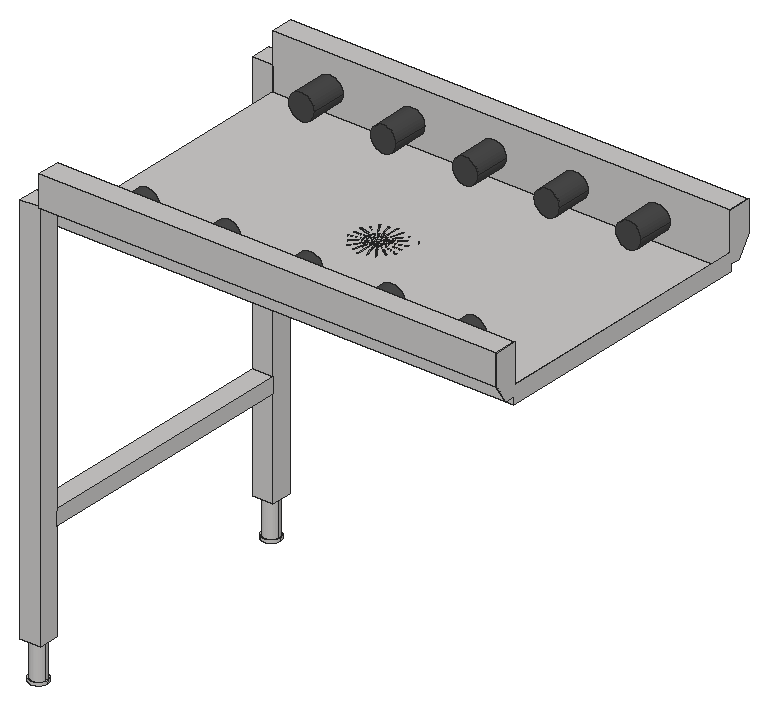
Revit family "QF_ELECTROLUXPROFESSIONAL_863141_HSSRC9", category Specialty Equipment, Revit 2018 (continued)
Lines and regions (mm)
  symbolic lines
    curve 297: line (-629.143, 72.511, 0) -> (-628.848, 71.603, 0)
    curve 298: arc (-628.848, 71.603, 0) -> (-628.908, 70.831, 0) -> (-629.497, 70.328, 0) r 1.012
    curve 299: line (-629.497, 70.328, 0) -> (-641.804, 66.33, 0)
    curve 300: arc (-641.804, 66.33, 0) -> (-642.604, 66.393, 0) -> (-643.125, 67.003, 0) r 1.048
    curve 301: line (-643.125, 67.003, 0) -> (-643.419, 67.91, 0)
    curve 302: arc (-643.419, 67.91, 0) -> (-643.36, 68.671, 0) -> (-642.779, 69.167, 0) r 0.998
    curve 303: line (-635.276, 73.399, 0) -> (-644.436, 73.399, 0)
    curve 304: arc (-644.436, 73.399, 0) -> (-645.153, 73.696, 0) -> (-645.45, 74.412, 0) r 1.013
    curve 305: line (-645.45, 74.412, 0) -> (-645.45, 75.402, 0)
    curve 306: arc (-645.45, 75.402, 0) -> (-645.158, 76.107, 0) -> (-644.452, 76.399, 0) r 0.997
    curve 307: line (-644.452, 76.399, 0) -> (-635.311, 76.399, 0)
    curve 308: arc (-635.311, 76.399, 0) -> (-634.579, 76.096, 0) -> (-634.276, 75.364, 0) r 1.035
    curve 309: line (-634.276, 75.364, 0) -> (-634.276, 74.399, 0)
    curve 310: arc (-634.276, 74.399, 0) -> (-634.569, 73.692, 0) -> (-635.276, 73.399, 0) r 1
    curve 311: line (-630.424, 76.616, 0) -> (-642.731, 80.615, 0)
    curve 312: arc (-642.731, 80.615, 0) -> (-643.341, 81.136, 0) -> (-643.404, 81.936, 0) r 1.048
    curve 313: line (-643.404, 81.936, 0) -> (-643.109, 82.843, 0)
    curve 314: arc (-643.109, 82.843, 0) -> (-642.613, 83.424, 0) -> (-641.852, 83.484, 0) r 0.998
    curve 315: line (-641.852, 83.484, 0) -> (-629.518, 79.476, 0)
    curve 316: arc (-629.518, 79.476, 0) -> (-628.916, 78.962, 0) -> (-628.854, 78.174, 0) r 1.033
    curve 317: line (-628.854, 78.174, 0) -> (-629.149, 77.266, 0)
    curve 318: arc (-629.149, 77.266, 0) -> (-629.652, 76.677, 0) -> (-630.424, 76.616, 0) r 1.012
    curve 319: line (-633.295, 82.497, 0) -> (-640.706, 87.881, 0)
    curve 320: arc (-640.706, 87.881, 0) -> (-641.111, 88.543, 0) -> (-640.93, 89.297, 0) r 1.013
    curve 321: line (-640.93, 89.297, 0) -> (-640.348, 90.097, 0)
    curve 322: arc (-640.348, 90.097, 0) -> (-639.697, 90.496, 0) -> (-638.955, 90.318, 0) r 0.997
    curve 323: line (-638.955, 90.318, 0) -> (-631.56, 84.945, 0)
    curve 324: arc (-631.56, 84.945, 0) -> (-631.146, 84.269, 0) -> (-631.331, 83.499, 0) r 1.035
    curve 325: line (-631.331, 83.499, 0) -> (-631.898, 82.718, 0)
    curve 326: arc (-631.898, 82.718, 0) -> (-632.551, 82.319, 0) -> (-633.295, 82.497, 0) r 1
    curve 327: line (-627.478, 82.248, 0) -> (-635.084, 92.717, 0)
    curve 328: arc (-635.084, 92.717, 0) -> (-635.272, 93.497, 0) -> (-634.852, 94.181, 0) r 1.048
    curve 329: line (-634.852, 94.181, 0) -> (-634.081, 94.742, 0)
    curve 330: arc (-634.081, 94.742, 0) -> (-633.338, 94.92, 0) -> (-632.687, 94.521, 0) r 0.998
    curve 331: line (-632.687, 94.521, 0) -> (-625.064, 84.029, 0)
    curve 332: arc (-625.064, 84.029, 0) -> (-624.879, 83.26, 0) -> (-625.293, 82.586, 0) r 1.033
    curve 333: line (-625.293, 82.586, 0) -> (-626.065, 82.024, 0)
    curve 334: arc (-626.065, 82.024, 0) -> (-626.818, 81.843, 0) -> (-627.478, 82.248, 0) r 1.012
    curve 335: line (-626.344, 88.693, 0) -> (-629.175, 97.405, 0)
    curve 336: arc (-629.175, 97.405, 0) -> (-629.114, 98.178, 0) -> (-628.524, 98.682, 0) r 1.013
    curve 337: line (-628.524, 98.682, 0) -> (-627.583, 98.988, 0)
    curve 338: arc (-627.583, 98.988, 0) -> (-626.822, 98.928, 0) -> (-626.326, 98.347, 0) r 0.997
    curve 339: line (-626.326, 98.347, 0) -> (-623.502, 89.654, 0)
    curve 340: arc (-623.502, 89.654, 0) -> (-623.564, 88.864, 0) -> (-624.166, 88.349, 0) r 1.035
    curve 341: line (-624.166, 88.349, 0) -> (-625.084, 88.051, 0)
    curve 342: arc (-625.084, 88.051, 0) -> (-625.847, 88.111, 0) -> (-626.344, 88.693, 0) r 1
    curve 343: line (-626.137, 265.317, 0) -> (-576.137, 265.317, 0)
    curve 344: line (-576.137, 265.317, 0) -> (-576.137, 335.271, 0)
    curve 345: line (-576.137, 335.271, 0) -> (-626.137, 335.271, 0)
    curve 346: line (-626.137, 335.271, 0) -> (-626.137, 265.317, 0)
    curve 347: line (-415.137, 265.317, 0) -> (-465.137, 265.317, 0)
    curve 348: line (-465.137, 265.317, 0) -> (-465.137, 335.271, 0)
    curve 349: line (-465.137, 335.271, 0) -> (-415.137, 335.271, 0)
    curve 350: line (-415.137, 335.271, 0) -> (-415.137, 265.317, 0)
    curve 351: line (-304.137, 265.317, 0) -> (-254.137, 265.317, 0)
    curve 352: line (-254.137, 265.317, 0) -> (-254.137, 335.271, 0)
    curve 353: line (-254.137, 335.271, 0) -> (-304.137, 335.271, 0)
    curve 354: line (-304.137, 335.271, 0) -> (-304.137, 265.317, 0)
    curve 355: line (-898.423, -115.842, 0) -> (-948.423, -115.842, 0)
    curve 356: line (-948.423, -115.842, 0) -> (-948.423, -185.797, 0)
    curve 357: line (-948.423, -185.797, 0) -> (-898.423, -185.797, 0)
    curve 358: line (-898.423, -185.797, 0) -> (-898.423, -115.842, 0)
    curve 359: line (-787.137, -115.842, 0) -> (-737.137, -115.842, 0)
    curve 360: line (-737.137, -115.842, 0) -> (-737.137, -185.797, 0)
    curve 361: line (-737.137, -185.797, 0) -> (-787.137, -185.797, 0)
    curve 362: line (-787.137, -185.797, 0) -> (-787.137, -115.842, 0)
    curve 363: line (-626.137, -115.842, 0) -> (-576.137, -115.842, 0)
    curve 364: line (-576.137, -115.842, 0) -> (-576.137, -185.797, 0)
    curve 365: line (-576.137, -185.797, 0) -> (-626.137, -185.797, 0)
    curve 366: line (-626.137, -185.797, 0) -> (-626.137, -115.842, 0)
    curve 367: line (-415.137, -115.842, 0) -> (-465.137, -115.842, 0)
    curve 368: line (-465.137, -115.842, 0) -> (-465.137, -185.797, 0)
    curve 369: line (-465.137, -185.797, 0) -> (-415.137, -185.797, 0)
    curve 370: line (-415.137, -185.797, 0) -> (-415.137, -115.842, 0)
    curve 371: line (-304.137, -115.842, 0) -> (-254.137, -115.842, 0)
    curve 372: line (-254.137, -115.842, 0) -> (-254.137, -185.797, 0)
    curve 373: line (-254.137, -185.797, 0) -> (-304.137, -185.797, 0)
    curve 374: line (-304.137, -185.797, 0) -> (-304.137, -115.842, 0)
Dimensions and locks
  plane 3 "LEFT" to plane 7 "RIGHT" = 900 mm
  equal spacing: plane 4 "BACK", plane 1 "Centro (Fronte/Retro)", plane 5 "FRONT"
  plane 4 "BACK" to plane 5 "FRONT" = 620 mm
  cut or joined group 1 (Extrusion 2, Extrusion 3, Revolve 4, Revolve 5, Extrusion 7, Extrusion 8, Extrusion 9, Extrusion 10, Extrusion 11, Extrusion 12, Extrusion 13, Extrusion 14, Extrusion 15, Extrusion 16, Extrusion 17, Extrusion 18, Extrusion 19, Extrusion 20, Extrusion 21, Extrusion 22, Extrusion 23, Extrusion 24, Extrusion 25, Extrusion 26, Extrusion 27) to cut or joined group 1 = 529.957 mm
  Extrusion 6 sketch curve to Extrusion 6 sketch curve to Extrusion 6 sketch curve to Extrusion 6 sketch curve to Extrusion 6 sketch curve = 161 mm, 161 mm, 161 mm, 161 mm
  Extrusion 29 sketch curve to Extrusion 29 sketch curve to Extrusion 29 sketch curve to Extrusion 29 sketch curve to Extrusion 29 sketch curve = 161 mm, 161 mm, 161 mm, 161 mm
  plane 3 "LEFT" to plane 8 = 420 mm
  aligned and locked: level to plane 2
  aligned and locked: Extrusion 2 to Extrusion 3
Automatic sketch dimensions
  Extrusion 7 sketch curve to Extrusion 7 sketch curve = 0.998 mm
  Extrusion 7 sketch curve to Extrusion 7 sketch curve = 1.033 mm
  Extrusion 7 sketch curve to Extrusion 7 sketch curve = 12.94 mm
  Extrusion 7 sketch curve to Extrusion 7 sketch curve = 3.807 mm
  Extrusion 7 sketch curve to Extrusion 7 sketch curve = 20.041 mm
  Extrusion 7 sketch curve to Extrusion 7 sketch curve = 0.05 mm
  Extrusion 7 sketch curve to Extrusion 7 sketch curve = 0 mm
  Extrusion 7 sketch curve to Extrusion 7 sketch curve = 1.012 mm  (x2)
  Extrusion 7 sketch curve to Extrusion 7 sketch curve = 1.048 mm  (x2)
  Extrusion 7 sketch curve to Extrusion 7 sketch curve = 0.955 mm  (x2)
  Extrusion 7 sketch curve to Extrusion 7 sketch curve = 0.954 mm
  Extrusion 8 sketch curve to Extrusion 8 sketch curve = 0.998 mm
  Extrusion 8 sketch curve to Extrusion 8 sketch curve = 1.033 mm
  Extrusion 8 sketch curve to Extrusion 8 sketch curve = 12.94 mm
  Extrusion 8 sketch curve to Extrusion 8 sketch curve = 3.807 mm
  Extrusion 8 sketch curve to Extrusion 8 sketch curve = 20.041 mm
  Extrusion 8 sketch curve to Extrusion 8 sketch curve = 0.05 mm
  Extrusion 8 sketch curve to Extrusion 8 sketch curve = 0 mm
  Extrusion 8 sketch curve to Extrusion 8 sketch curve = 1.012 mm  (x2)
  Extrusion 8 sketch curve to Extrusion 8 sketch curve = 1.048 mm  (x2)
  Extrusion 8 sketch curve to Extrusion 8 sketch curve = 0.955 mm  (x2)
  Extrusion 8 sketch curve to Extrusion 8 sketch curve = 0.954 mm
  Extrusion 9 sketch curve to Extrusion 9 sketch curve = 0.998 mm
  Extrusion 9 sketch curve to Extrusion 9 sketch curve = 1.033 mm
  Extrusion 9 sketch curve to Extrusion 9 sketch curve = 12.94 mm
  Extrusion 9 sketch curve to Extrusion 9 sketch curve = 3.807 mm
  Extrusion 9 sketch curve to Extrusion 9 sketch curve = 20.041 mm
  Extrusion 9 sketch curve to Extrusion 9 sketch curve = 0.05 mm
  Extrusion 9 sketch curve to Extrusion 9 sketch curve = 0 mm
  Extrusion 9 sketch curve to Extrusion 9 sketch curve = 1.012 mm  (x2)
  Extrusion 9 sketch curve to Extrusion 9 sketch curve = 1.048 mm  (x2)
  Extrusion 9 sketch curve to Extrusion 9 sketch curve = 0.955 mm  (x2)
  Extrusion 9 sketch curve to Extrusion 9 sketch curve = 0.954 mm
  Extrusion 10 sketch curve to Extrusion 10 sketch curve = 0.998 mm
  Extrusion 10 sketch curve to Extrusion 10 sketch curve = 1.033 mm
  Extrusion 10 sketch curve to Extrusion 10 sketch curve = 12.94 mm
  Extrusion 10 sketch curve to Extrusion 10 sketch curve = 3.807 mm
  Extrusion 10 sketch curve to Extrusion 10 sketch curve = 20.041 mm
  Extrusion 10 sketch curve to Extrusion 10 sketch curve = 0.05 mm
  Extrusion 10 sketch curve to Extrusion 10 sketch curve = 0 mm
  Extrusion 10 sketch curve to Extrusion 10 sketch curve = 1.012 mm  (x2)
  Extrusion 10 sketch curve to Extrusion 10 sketch curve = 1.048 mm  (x2)
  Extrusion 10 sketch curve to Extrusion 10 sketch curve = 0.955 mm  (x2)
  Extrusion 10 sketch curve to Extrusion 10 sketch curve = 0.954 mm
  Extrusion 11 sketch curve to Extrusion 11 sketch curve = 0.998 mm
  Extrusion 11 sketch curve to Extrusion 11 sketch curve = 1.033 mm
  Extrusion 11 sketch curve to Extrusion 11 sketch curve = 12.94 mm
  Extrusion 11 sketch curve to Extrusion 11 sketch curve = 3.807 mm
  Extrusion 11 sketch curve to Extrusion 11 sketch curve = 20.041 mm
  Extrusion 11 sketch curve to Extrusion 11 sketch curve = 0.05 mm
  Extrusion 11 sketch curve to Extrusion 11 sketch curve = 0 mm
  Extrusion 11 sketch curve to Extrusion 11 sketch curve = 1.012 mm  (x2)
  Extrusion 11 sketch curve to Extrusion 11 sketch curve = 1.048 mm  (x2)
  Extrusion 11 sketch curve to Extrusion 11 sketch curve = 0.955 mm  (x2)
  Extrusion 11 sketch curve to Extrusion 11 sketch curve = 0.954 mm
  Extrusion 12 sketch curve to Extrusion 12 sketch curve = 0.998 mm
  Extrusion 12 sketch curve to Extrusion 12 sketch curve = 1.033 mm
  Extrusion 12 sketch curve to Extrusion 12 sketch curve = 12.94 mm
  Extrusion 12 sketch curve to Extrusion 12 sketch curve = 3.807 mm
  Extrusion 12 sketch curve to Extrusion 12 sketch curve = 20.041 mm
  Extrusion 12 sketch curve to Extrusion 12 sketch curve = 0.05 mm
  Extrusion 12 sketch curve to Extrusion 12 sketch curve = 0 mm
  Extrusion 12 sketch curve to Extrusion 12 sketch curve = 1.012 mm  (x2)
  Extrusion 12 sketch curve to Extrusion 12 sketch curve = 1.048 mm  (x2)
  Extrusion 12 sketch curve to Extrusion 12 sketch curve = 0.955 mm  (x2)
  Extrusion 12 sketch curve to Extrusion 12 sketch curve = 0.954 mm
  Extrusion 13 sketch curve to Extrusion 13 sketch curve = 0.998 mm
  Extrusion 13 sketch curve to Extrusion 13 sketch curve = 1.033 mm
  Extrusion 13 sketch curve to Extrusion 13 sketch curve = 12.94 mm
  Extrusion 13 sketch curve to Extrusion 13 sketch curve = 3.807 mm
  Extrusion 13 sketch curve to Extrusion 13 sketch curve = 20.041 mm
  Extrusion 13 sketch curve to Extrusion 13 sketch curve = 0.05 mm
  Extrusion 13 sketch curve to Extrusion 13 sketch curve = 0 mm
  Extrusion 13 sketch curve to Extrusion 13 sketch curve = 1.012 mm  (x2)
  Extrusion 13 sketch curve to Extrusion 13 sketch curve = 1.048 mm  (x2)
  Extrusion 13 sketch curve to Extrusion 13 sketch curve = 0.955 mm  (x2)
  Extrusion 13 sketch curve to Extrusion 13 sketch curve = 0.954 mm
  Extrusion 14 sketch curve to Extrusion 14 sketch curve = 0.998 mm
  Extrusion 14 sketch curve to Extrusion 14 sketch curve = 1.033 mm
  Extrusion 14 sketch curve to Extrusion 14 sketch curve = 12.94 mm
  Extrusion 14 sketch curve to Extrusion 14 sketch curve = 3.807 mm
  Extrusion 14 sketch curve to Extrusion 14 sketch curve = 20.041 mm
  Extrusion 14 sketch curve to Extrusion 14 sketch curve = 0.05 mm
  Extrusion 14 sketch curve to Extrusion 14 sketch curve = 0 mm
  Extrusion 14 sketch curve to Extrusion 14 sketch curve = 1.012 mm  (x2)
  Extrusion 14 sketch curve to Extrusion 14 sketch curve = 1.048 mm  (x2)
  Extrusion 14 sketch curve to Extrusion 14 sketch curve = 0.955 mm  (x2)
  Extrusion 14 sketch curve to Extrusion 14 sketch curve = 0.954 mm
  Extrusion 15 sketch curve to Extrusion 15 sketch curve = 0.998 mm
  Extrusion 15 sketch curve to Extrusion 15 sketch curve = 1.033 mm
  Extrusion 15 sketch curve to Extrusion 15 sketch curve = 12.94 mm
  Extrusion 15 sketch curve to Extrusion 15 sketch curve = 3.807 mm
  Extrusion 15 sketch curve to Extrusion 15 sketch curve = 20.041 mm
  Extrusion 15 sketch curve to Extrusion 15 sketch curve = 0.05 mm
  Extrusion 15 sketch curve to Extrusion 15 sketch curve = 0 mm
  Extrusion 15 sketch curve to Extrusion 15 sketch curve = 1.012 mm  (x2)
  Extrusion 15 sketch curve to Extrusion 15 sketch curve = 1.048 mm  (x2)
  Extrusion 15 sketch curve to Extrusion 15 sketch curve = 0.955 mm  (x2)
  Extrusion 15 sketch curve to Extrusion 15 sketch curve = 0.954 mm
  Extrusion 16 sketch curve to Extrusion 16 sketch curve = 0.998 mm
  Extrusion 16 sketch curve to Extrusion 16 sketch curve = 1.033 mm
  Extrusion 16 sketch curve to Extrusion 16 sketch curve = 12.94 mm
  Extrusion 16 sketch curve to Extrusion 16 sketch curve = 3.807 mm
  Extrusion 16 sketch curve to Extrusion 16 sketch curve = 20.041 mm
  Extrusion 16 sketch curve to Extrusion 16 sketch curve = 0.05 mm
  Extrusion 16 sketch curve to Extrusion 16 sketch curve = 0 mm
  Extrusion 16 sketch curve to Extrusion 16 sketch curve = 1.012 mm  (x2)
  Extrusion 16 sketch curve to Extrusion 16 sketch curve = 1.048 mm  (x2)
  Extrusion 16 sketch curve to Extrusion 16 sketch curve = 0.955 mm  (x2)
  Extrusion 16 sketch curve to Extrusion 16 sketch curve = 0.954 mm
  Extrusion 18 sketch curve to Extrusion 18 sketch curve = 0.997 mm  (x2)
  Extrusion 18 sketch curve to Extrusion 18 sketch curve = 0.016 mm  (x2)
  Extrusion 18 sketch curve to Extrusion 18 sketch curve = 14.766 mm
  Extrusion 18 sketch curve to Extrusion 18 sketch curve = 4.462 mm
  Extrusion 18 sketch curve to Extrusion 18 sketch curve = 9.141 mm
  Extrusion 18 sketch curve to Extrusion 18 sketch curve = 0.035 mm  (x2)
  Extrusion 18 sketch curve to Extrusion 18 sketch curve = 1.035 mm  (x2)
  Extrusion 18 sketch curve to Extrusion 18 sketch curve = 1 mm
  Extrusion 18 sketch curve to Extrusion 18 sketch curve = 0.965 mm  (x2)
  Extrusion 19 sketch curve to Extrusion 19 sketch curve = 0.997 mm  (x2)
  Extrusion 19 sketch curve to Extrusion 19 sketch curve = 0.016 mm  (x2)
  Extrusion 19 sketch curve to Extrusion 19 sketch curve = 14.766 mm
  Extrusion 19 sketch curve to Extrusion 19 sketch curve = 4.462 mm
  Extrusion 19 sketch curve to Extrusion 19 sketch curve = 9.141 mm
  Extrusion 19 sketch curve to Extrusion 19 sketch curve = 0.035 mm  (x2)
  Extrusion 19 sketch curve to Extrusion 19 sketch curve = 1.035 mm  (x2)
  Extrusion 19 sketch curve to Extrusion 19 sketch curve = 1 mm
  Extrusion 19 sketch curve to Extrusion 19 sketch curve = 0.965 mm  (x2)
  Extrusion 20 sketch curve to Extrusion 20 sketch curve = 0.997 mm  (x2)
  Extrusion 20 sketch curve to Extrusion 20 sketch curve = 0.016 mm  (x2)
  Extrusion 20 sketch curve to Extrusion 20 sketch curve = 14.766 mm
  Extrusion 20 sketch curve to Extrusion 20 sketch curve = 4.462 mm
  Extrusion 20 sketch curve to Extrusion 20 sketch curve = 9.141 mm
  Extrusion 20 sketch curve to Extrusion 20 sketch curve = 0.035 mm  (x2)
  Extrusion 20 sketch curve to Extrusion 20 sketch curve = 1.035 mm  (x2)
  Extrusion 20 sketch curve to Extrusion 20 sketch curve = 1 mm
  Extrusion 20 sketch curve to Extrusion 20 sketch curve = 0.965 mm  (x2)
  Extrusion 21 sketch curve to Extrusion 21 sketch curve = 0.997 mm  (x2)
  Extrusion 21 sketch curve to Extrusion 21 sketch curve = 0.016 mm  (x2)
  Extrusion 21 sketch curve to Extrusion 21 sketch curve = 14.766 mm
  Extrusion 21 sketch curve to Extrusion 21 sketch curve = 4.462 mm
  Extrusion 21 sketch curve to Extrusion 21 sketch curve = 9.141 mm
  Extrusion 21 sketch curve to Extrusion 21 sketch curve = 0.035 mm  (x2)
  Extrusion 21 sketch curve to Extrusion 21 sketch curve = 1.035 mm  (x2)
  Extrusion 21 sketch curve to Extrusion 21 sketch curve = 1 mm
  Extrusion 21 sketch curve to Extrusion 21 sketch curve = 0.965 mm  (x2)
  Extrusion 22 sketch curve to Extrusion 22 sketch curve = 0.997 mm  (x2)
  Extrusion 22 sketch curve to Extrusion 22 sketch curve = 0.016 mm  (x2)
  Extrusion 22 sketch curve to Extrusion 22 sketch curve = 14.766 mm
  Extrusion 22 sketch curve to Extrusion 22 sketch curve = 4.462 mm
  Extrusion 22 sketch curve to Extrusion 22 sketch curve = 9.141 mm
  Extrusion 22 sketch curve to Extrusion 22 sketch curve = 0.035 mm  (x2)
  Extrusion 22 sketch curve to Extrusion 22 sketch curve = 1.035 mm  (x2)
  Extrusion 22 sketch curve to Extrusion 22 sketch curve = 1 mm
  Extrusion 22 sketch curve to Extrusion 22 sketch curve = 0.965 mm  (x2)
  Extrusion 23 sketch curve to Extrusion 23 sketch curve = 0.997 mm  (x2)
  Extrusion 23 sketch curve to Extrusion 23 sketch curve = 0.016 mm  (x2)
  Extrusion 23 sketch curve to Extrusion 23 sketch curve = 14.766 mm
  Extrusion 23 sketch curve to Extrusion 23 sketch curve = 4.462 mm
  Extrusion 23 sketch curve to Extrusion 23 sketch curve = 9.141 mm
  Extrusion 23 sketch curve to Extrusion 23 sketch curve = 0.035 mm  (x2)
  Extrusion 23 sketch curve to Extrusion 23 sketch curve = 1.035 mm  (x2)
  Extrusion 23 sketch curve to Extrusion 23 sketch curve = 1 mm
  Extrusion 23 sketch curve to Extrusion 23 sketch curve = 0.965 mm  (x2)
  Extrusion 24 sketch curve to Extrusion 24 sketch curve = 0.997 mm  (x2)
  Extrusion 24 sketch curve to Extrusion 24 sketch curve = 0.016 mm  (x2)
  Extrusion 24 sketch curve to Extrusion 24 sketch curve = 14.766 mm
  Extrusion 24 sketch curve to Extrusion 24 sketch curve = 4.462 mm
  Extrusion 24 sketch curve to Extrusion 24 sketch curve = 9.141 mm
  Extrusion 24 sketch curve to Extrusion 24 sketch curve = 0.035 mm  (x2)
  Extrusion 24 sketch curve to Extrusion 24 sketch curve = 1.035 mm  (x2)
  Extrusion 24 sketch curve to Extrusion 24 sketch curve = 1 mm
  Extrusion 24 sketch curve to Extrusion 24 sketch curve = 0.965 mm  (x2)
  Extrusion 25 sketch curve to Extrusion 25 sketch curve = 0.997 mm  (x2)
  Extrusion 25 sketch curve to Extrusion 25 sketch curve = 0.016 mm  (x2)
  Extrusion 25 sketch curve to Extrusion 25 sketch curve = 14.766 mm
  Extrusion 25 sketch curve to Extrusion 25 sketch curve = 4.462 mm
  Extrusion 25 sketch curve to Extrusion 25 sketch curve = 9.141 mm
  Extrusion 25 sketch curve to Extrusion 25 sketch curve = 0.035 mm  (x2)
  Extrusion 25 sketch curve to Extrusion 25 sketch curve = 1.035 mm  (x2)
  Extrusion 25 sketch curve to Extrusion 25 sketch curve = 1 mm
  Extrusion 25 sketch curve to Extrusion 25 sketch curve = 0.965 mm  (x2)
  Extrusion 26 sketch curve to Extrusion 26 sketch curve = 0.997 mm  (x2)
  Extrusion 26 sketch curve to Extrusion 26 sketch curve = 0.016 mm  (x2)
  Extrusion 26 sketch curve to Extrusion 26 sketch curve = 14.766 mm
  Extrusion 26 sketch curve to Extrusion 26 sketch curve = 4.462 mm
  Extrusion 26 sketch curve to Extrusion 26 sketch curve = 9.141 mm
  Extrusion 26 sketch curve to Extrusion 26 sketch curve = 0.035 mm  (x2)
  Extrusion 26 sketch curve to Extrusion 26 sketch curve = 1.035 mm  (x2)
  Extrusion 26 sketch curve to Extrusion 26 sketch curve = 1 mm
  Extrusion 26 sketch curve to Extrusion 26 sketch curve = 0.965 mm  (x2)
  Extrusion 27 sketch curve to Extrusion 27 sketch curve = 0.997 mm  (x2)
  Extrusion 27 sketch curve to Extrusion 27 sketch curve = 0.016 mm  (x2)
  Extrusion 27 sketch curve to Extrusion 27 sketch curve = 14.766 mm
  Extrusion 27 sketch curve to Extrusion 27 sketch curve = 4.462 mm
  Extrusion 27 sketch curve to Extrusion 27 sketch curve = 9.141 mm
  Extrusion 27 sketch curve to Extrusion 27 sketch curve = 0.035 mm  (x2)
  Extrusion 27 sketch curve to Extrusion 27 sketch curve = 1.035 mm  (x2)
  Extrusion 27 sketch curve to Extrusion 27 sketch curve = 1 mm
  Extrusion 27 sketch curve to Extrusion 27 sketch curve = 0.965 mm  (x2)
  Extrusion 1 sketch curve to plane 3 "LEFT" = 41.168 mm
  Extrusion 1 sketch curve to plane 3 "LEFT" = 1.168 mm
  level to Extrusion 1 sketch curve = 270 mm
  Extrusion 1 sketch curve to Extrusion 1 sketch curve = 30 mm
  Extrusion 2 sketch curve to plane 5 "FRONT" = 0 mm
  Extrusion 2 sketch curve to plane 6 = 0 mm  (x2)
  Extrusion 2 sketch curve to plane 4 "BACK" = 0 mm
  plane 5 "FRONT" to Extrusion 2 sketch curve = 45.021 mm
  Extrusion 2 sketch curve to plane 4 "BACK" = 45.021 mm
  Extrusion 2 sketch curve to Extrusion 2 sketch curve = 59.967 mm  (x2)
  plane 5 "FRONT" to Extrusion 3 sketch curve = 43.536 mm
  Extrusion 3 sketch curve to Extrusion 3 sketch curve = 1.486 mm
  Extrusion 3 sketch curve to plane 4 "BACK" = 45.021 mm
  Extrusion 3 sketch curve to Extrusion 3 sketch curve = 1.529 mm
  Extrusion 3 sketch curve to plane 6 = 109.919 mm
  Extrusion 3 sketch curve to Extrusion 3 sketch curve = 3 mm
  Extrusion 3 sketch curve to Extrusion 3 sketch curve = 46.952 mm  (x2)
  Revolve 4 sketch curve to plane 1 "Centro (Fronte/Retro)" = 0 mm  (x2)
  plane 1 "Centro (Fronte/Retro)" to Revolve 4 sketch curve = 45.447 mm
  Revolve 4 sketch curve to Revolve 4 sketch curve = 1.52 mm
  Revolve 4 sketch curve to Revolve 4 sketch curve = 11.998 mm
  Revolve 4 sketch curve to Revolve 4 sketch curve = 4.762 mm
  Revolve 4 sketch curve to Revolve 4 sketch curve = 4.974 mm
  Revolve 4 sketch curve to plane 6 = 145.915 mm
  Revolve 4 sketch curve to Revolve 4 sketch curve = 5.727 mm
  Revolve 4 sketch curve to Revolve 4 sketch curve = 11.901 mm
  Revolve 4 sketch curve to Revolve 4 sketch curve = 3.704 mm
  Revolve 4 sketch curve to Revolve 4 sketch curve = 11.924 mm
  Revolve 4 sketch curve to Revolve 4 sketch curve = 2.681 mm
  Revolve 4 sketch curve to Revolve 4 sketch curve = 3 mm
  Revolve 4 sketch curve to Revolve 4 sketch curve = 14.991 mm
  Revolve 5 sketch curve to plane 1 "Centro (Fronte/Retro)" = 0 mm  (x2)
  Revolve 5 sketch curve to plane 1 "Centro (Fronte/Retro)" = 20.976 mm
  Revolve 5 sketch curve to plane 6 = 165.904 mm
  Revolve 5 sketch curve to plane 1 "Centro (Fronte/Retro)" = 23.516 mm
  Revolve 5 sketch curve to Revolve 5 sketch curve = 2.434 mm
  Revolve 5 sketch curve to Revolve 5 sketch curve = 8.043 mm
  Revolve 5 sketch curve to Revolve 5 sketch curve = 2.54 mm  (x2)
  Revolve 5 sketch curve to Revolve 5 sketch curve = 16.983 mm
  Revolve 5 sketch curve to Revolve 5 sketch curve = 3.127 mm
  Revolve 5 sketch curve to Revolve 5 sketch curve = 7.343 mm
  plane 3 "LEFT" to Extrusion 6 sketch curve = 115.624 mm
  Extrusion 6 sketch curve to plane 6 = 59.885 mm  (x5)
  Extrusion 17 sketch curve to plane 1 "Centro (Fronte/Retro)" = 0.162 mm
  Extrusion 17 sketch curve to plane 8 = 1.524 mm
  Extrusion 28 sketch curve to plane 5 "FRONT" = 0 mm
  Extrusion 28 sketch curve to plane 6 = 0 mm  (x2)
  Extrusion 28 sketch curve to plane 4 "BACK" = 0 mm
  plane 5 "FRONT" to Extrusion 28 sketch curve = 23.764 mm
  Extrusion 28 sketch curve to Extrusion 28 sketch curve = 19.352 mm  (x2)
  plane 5 "FRONT" to Extrusion 28 sketch curve = 45.021 mm
  Extrusion 28 sketch curve to plane 4 "BACK" = 45.021 mm
  Extrusion 28 sketch curve to Extrusion 28 sketch curve = 1.905 mm
  Extrusion 28 sketch curve to Extrusion 28 sketch curve = 59.967 mm  (x2)
  Extrusion 28 sketch curve to Extrusion 28 sketch curve = 15.444 mm
  Extrusion 28 sketch curve to Extrusion 28 sketch curve = 20.221 mm  (x2)
  Extrusion 28 sketch curve to Extrusion 28 sketch curve = 14.287 mm
  plane 3 "LEFT" to Extrusion 29 sketch curve = 115.624 mm
  Extrusion 29 sketch curve to plane 6 = 59.885 mm  (x5)
  curve 9 to curve 10 = 0 mm  (x2)
  curve 11 to curve 12 = 0 mm  (x2)
  curve 181 to curve 182 = 0 mm  (x2)
  curve 1 to plane 3 "LEFT" = 0 mm
  plane 1 "Centro (Fronte/Retro)" to curve 8 = 0 mm
  plane 1 "Centro (Fronte/Retro)" to curve 9 = 0 mm
  curve 9 to plane 8 = 0 mm
  plane 1 "Centro (Fronte/Retro)" to curve 11 = 0 mm
  plane 1 "Centro (Fronte/Retro)" to curve 7 = 0 mm
  curve 7 to plane 7 "RIGHT" = 0 mm
  curve 4 to plane 5 "FRONT" = 0 mm
  curve 2 to plane 4 "BACK" = 0 mm
  plane 3 "LEFT" to curve 356 = 90.338 mm
  plane 3 "LEFT" to curve 13 = 90.338 mm
  curve 14 to curve 15 = 50 mm
  curve 355 to curve 358 = 50 mm
  curve 20 to plane 4 "BACK" = 49.466 mm
  curve 15 to curve 20 = 111.286 mm
  curve 355 to curve 359 = 111.286 mm
  curve 359 to curve 360 = 50 mm
  curve 19 to curve 19 = 50 mm
  plane 1 "Centro (Fronte/Retro)" to curve 151 = 14.84 mm
  curve 151 to plane 8 = 49.319 mm
  curve 167 to plane 1 "Centro (Fronte/Retro)" = 15.211 mm
  curve 151 to curve 167 = 0.016 mm
  plane 1 "Centro (Fronte/Retro)" to curve 151 = 15.747 mm
  curve 152 to curve 151 = 0.295 mm
  curve 167 to plane 1 "Centro (Fronte/Retro)" = 16.119 mm
  curve 166 to curve 167 = 0.295 mm
  plane 1 "Centro (Fronte/Retro)" to curve 153 = 13.583 mm
  curve 151 to curve 153 = 0.641 mm
  curve 165 to plane 1 "Centro (Fronte/Retro)" = 13.891 mm
  curve 167 to curve 165 = 0.673 mm
  curve 151 to curve 152 = 0.949 mm
  curve 165 to curve 166 = 0.324 mm
  curve 166 to curve 168 = 0.247 mm
  curve 152 to curve 150 = 0.343 mm
  curve 159 to plane 1 "Centro (Fronte/Retro)" = 0.664 mm
  curve 165 to curve 159 = 0.681 mm
  curve 169 to plane 1 "Centro (Fronte/Retro)" = 16.759 mm
  curve 168 to curve 169 = 0.308 mm
  plane 1 "Centro (Fronte/Retro)" to curve 149 = 16.42 mm
  curve 150 to curve 149 = 0.324 mm
  curve 159 to curve 160 = 0.997 mm
  plane 1 "Centro (Fronte/Retro)" to curve 158 = 0.325 mm
  curve 160 to curve 158 = 0.016 mm
  curve 149 to curve 143 = 8.325 mm
  curve 169 to curve 175 = 8.383 mm
  curve 144 to curve 145 = 0.221 mm
  curve 173 to plane 1 "Centro (Fronte/Retro)" = 25.641 mm
  curve 174 to curve 173 = 0.224 mm
  curve 144 to curve 143 = 0.581 mm
  curve 175 to curve 175 = 0.581 mm
  curve 144 to curve 144 = 0.586 mm
  curve 174 to curve 174 = 0.82 mm
  curve 174 to curve 176 = 0.569 mm
  curve 144 to curve 142 = 0.594 mm
  curve 176 to curve 177 = 0.586 mm
  plane 1 "Centro (Fronte/Retro)" to curve 141 = 27.744 mm
  curve 142 to curve 141 = 0.596 mm
  curve 343 to plane 8 = 7.376 mm
  curve 363 to plane 8 = 7.376 mm
  curve 161 to curve 161 = 14.766 mm
  plane 1 "Centro (Fronte/Retro)" to curve 164 = 0.338 mm
  curve 162 to curve 164 = 0.035 mm
  curve 141 to curve 137 = 5.787 mm
  curve 176 to curve 21 = 5.83 mm
  curve 136 to curve 135 = 0.221 mm
  curve 21 to curve 23 = 0.232 mm
  curve 136 to curve 136 = 0.807 mm
  curve 21 to curve 22 = 0.848 mm
  curve 135 to curve 135 = 0.772 mm
  curve 22 to curve 23 = 0.772 mm
  curve 136 to curve 134 = 0.801 mm
  curve 22 to curve 24 = 0.742 mm
  plane 1 "Centro (Fronte/Retro)" to curve 153 = 7.374 mm
  curve 157 to curve 153 = 2.58 mm
  curve 165 to plane 1 "Centro (Fronte/Retro)" = 7.691 mm
  curve 161 to curve 165 = 2.636 mm
  curve 153 to curve 154 = 0.319 mm
  curve 165 to curve 172 = 0.313 mm
  curve 24 to curve 25 = 0.807 mm
  curve 134 to curve 133 = 0.848 mm
  curve 172 to curve 170 = 0.274 mm
  curve 154 to curve 156 = 0.316 mm
  curve 169 to plane 1 "Centro (Fronte/Retro)" = 10.551 mm
  curve 170 to curve 169 = 0.319 mm
  plane 1 "Centro (Fronte/Retro)" to curve 149 = 10.22 mm
  curve 156 to curve 149 = 0.313 mm
  curve 171 to plane 1 "Centro (Fronte/Retro)" = 8.34 mm
  curve 172 to curve 171 = 0.962 mm
  plane 1 "Centro (Fronte/Retro)" to curve 155 = 8.037 mm
  curve 154 to curve 155 = 0.983 mm
  curve 171 to plane 1 "Centro (Fronte/Retro)" = 9.249 mm
  curve 171 to curve 171 = 0.295 mm
  plane 1 "Centro (Fronte/Retro)" to curve 155 = 8.946 mm
  curve 155 to curve 155 = 0.295 mm
  curve 149 to curve 145 = 1.411 mm
  curve 169 to curve 173 = 1.46 mm
  plane 1 "Centro (Fronte/Retro)" to curve 305 = 0.325 mm
  curve 163 to curve 305 = 4.462 mm
  curve 146 to curve 146 = 0.608 mm
  curve 173 to curve 180 = 0.588 mm
  curve 180 to curve 178 = 0.539 mm
  curve 146 to curve 148 = 0.596 mm
  curve 179 to plane 1 "Centro (Fronte/Retro)" = 17.172 mm
  curve 180 to curve 179 = 0.809 mm
  curve 146 to curve 147 = 0.838 mm
  curve 306 to plane 1 "Centro (Fronte/Retro)" = 0.664 mm
  curve 305 to curve 306 = 0.997 mm
  plane 1 "Centro (Fronte/Retro)" to curve 303 = 1.338 mm
  curve 177 to plane 1 "Centro (Fronte/Retro)" = 19.398 mm
  curve 178 to curve 177 = 0.608 mm
  curve 148 to curve 141 = 0.588 mm
  curve 179 to curve 179 = 0.567 mm
  curve 147 to curve 147 = 0.567 mm
  plane 1 "Centro (Fronte/Retro)" to curve 301 = 6.827 mm
  curve 154 to curve 301 = 3.61 mm
  curve 313 to plane 1 "Centro (Fronte/Retro)" = 7.199 mm
  curve 171 to curve 313 = 3.632 mm
  plane 1 "Centro (Fronte/Retro)" to curve 301 = 7.734 mm
  curve 302 to curve 301 = 0.295 mm
  curve 313 to plane 1 "Centro (Fronte/Retro)" = 8.106 mm
  curve 312 to curve 313 = 0.295 mm
  plane 1 "Centro (Fronte/Retro)" to curve 295 = 5.57 mm
  curve 301 to curve 295 = 0.641 mm
  curve 311 to plane 1 "Centro (Fronte/Retro)" = 5.878 mm
  curve 313 to curve 311 = 0.673 mm
  curve 301 to curve 302 = 0.949 mm
  curve 313 to curve 312 = 0.997 mm
  curve 312 to curve 314 = 0.247 mm
  curve 302 to curve 300 = 0.343 mm
  curve 315 to plane 1 "Centro (Fronte/Retro)" = 8.747 mm
  curve 314 to curve 315 = 0.308 mm
  plane 1 "Centro (Fronte/Retro)" to curve 299 = 8.407 mm
  curve 300 to curve 299 = 0.324 mm
  curve 147 to curve 293 = 3.588 mm
  curve 179 to curve 321 = 3.618 mm
  plane 1 "Centro (Fronte/Retro)" to curve 287 = 12.83 mm
  curve 293 to curve 287 = 0.221 mm
  curve 319 to plane 1 "Centro (Fronte/Retro)" = 13.144 mm
  curve 320 to curve 319 = 0.224 mm
  curve 293 to curve 293 = 0.581 mm
  curve 320 to curve 321 = 0.581 mm
  curve 294 to curve 294 = 0.586 mm
  curve 319 to curve 320 = 0.596 mm
  curve 320 to curve 322 = 0.569 mm
  curve 294 to curve 292 = 0.594 mm
  curve 322 to curve 323 = 0.586 mm
  plane 1 "Centro (Fronte/Retro)" to curve 291 = 15.248 mm
  curve 292 to curve 291 = 0.596 mm
  curve 141 to curve 137 = 5.635 mm
  curve 177 to curve 21 = 5.676 mm
  curve 21 to curve 28 = 0.818 mm
  curve 137 to curve 138 = 0.836 mm
  curve 28 to curve 27 = 0.595 mm
  curve 138 to curve 139 = 0.607 mm
  curve 28 to curve 26 = 0.76 mm
  curve 138 to curve 140 = 0.786 mm
  curve 27 to curve 27 = 0.773 mm
  curve 139 to curve 139 = 0.773 mm
  curve 26 to curve 25 = 0.836 mm
  curve 140 to curve 133 = 0.818 mm
  curve 133 to curve 129 = 12.149 mm
  curve 24 to curve 29 = 12.184 mm
  curve 311 to curve 307 = 7.42 mm
  plane 1 "Centro (Fronte/Retro)" to curve 310 = 0.338 mm
  curve 308 to curve 310 = 0.035 mm
  curve 292 to curve 279 = 3.828 mm
  curve 128 to curve 127 = 0.64 mm
  curve 30 to curve 31 = 0.651 mm
  curve 322 to curve 327 = 3.871 mm
  curve 286 to curve 285 = 0.221 mm
  curve 327 to curve 329 = 0.232 mm
  curve 127 to curve 128 = 0.308 mm
  curve 31 to curve 30 = 0.313 mm
  curve 285 to curve 286 = 0.587 mm
  curve 328 to curve 328 = 0.616 mm
  curve 128 to curve 127 = 0.941 mm
  curve 30 to curve 31 = 0.941 mm
  curve 286 to curve 285 = 0.772 mm
  curve 328 to curve 329 = 0.772 mm
  curve 128 to curve 126 = 0.946 mm
  curve 30 to curve 32 = 0.936 mm
  curve 286 to curve 284 = 0.801 mm
  curve 328 to curve 330 = 0.742 mm
  curve 303 to curve 287 = 1.953 mm
  curve 307 to curve 319 = 2.017 mm
  curve 32 to curve 33 = 0.949 mm
  curve 126 to curve 125 = 0.964 mm
  curve 287 to curve 288 = 0.608 mm
  curve 319 to curve 326 = 0.588 mm
  curve 330 to curve 331 = 0.807 mm
  curve 284 to curve 283 = 0.848 mm
  curve 326 to curve 324 = 0.539 mm
  curve 288 to curve 290 = 0.596 mm
  curve 325 to plane 1 "Centro (Fronte/Retro)" = 7.981 mm
  curve 326 to curve 325 = 0.809 mm
  curve 288 to curve 289 = 0.838 mm
  curve 323 to plane 1 "Centro (Fronte/Retro)" = 10.208 mm
  curve 324 to curve 323 = 0.608 mm
  curve 290 to curve 291 = 0.588 mm
  curve 325 to curve 325 = 0.567 mm
  plane 1 "Centro (Fronte/Retro)" to curve 289 = 8.467 mm
  curve 289 to curve 289 = 0.567 mm
  curve 133 to curve 129 = 4.919 mm
  curve 25 to curve 29 = 4.943 mm
  plane 1 "Centro (Fronte/Retro)" to curve 295 = 1.562 mm
  curve 309 to curve 295 = 3.832 mm
  curve 311 to plane 1 "Centro (Fronte/Retro)" = 1.879 mm
  curve 296 to curve 311 = 0.021 mm
  curve 29 to curve 36 = 0.951 mm
  curve 129 to curve 130 = 0.985 mm
  curve 295 to curve 296 = 0.319 mm
  curve 311 to curve 318 = 0.313 mm
  curve 36 to curve 35 = 0.309 mm
  curve 130 to curve 131 = 0.32 mm
  curve 318 to curve 316 = 0.274 mm
  curve 296 to curve 298 = 0.316 mm
  curve 315 to plane 1 "Centro (Fronte/Retro)" = 4.739 mm
  curve 316 to curve 315 = 0.319 mm
  plane 1 "Centro (Fronte/Retro)" to curve 299 = 4.409 mm
  curve 298 to curve 299 = 0.313 mm
  curve 36 to curve 34 = 0.907 mm
  curve 130 to curve 132 = 0.928 mm
  curve 284 to curve 271 = 3.478 mm
  curve 330 to curve 335 = 3.512 mm
  curve 317 to plane 1 "Centro (Fronte/Retro)" = 2.529 mm
  curve 318 to curve 317 = 0.962 mm
  plane 1 "Centro (Fronte/Retro)" to curve 297 = 2.226 mm
  curve 296 to curve 297 = 0.983 mm
  curve 35 to curve 35 = 0.918 mm
  curve 130 to curve 131 = 0.918 mm
  curve 317 to plane 1 "Centro (Fronte/Retro)" = 3.437 mm
  curve 317 to curve 317 = 0.295 mm
  plane 1 "Centro (Fronte/Retro)" to curve 297 = 3.134 mm
  curve 296 to curve 297 = 0.295 mm
  curve 278 to curve 277 = 0.64 mm
  curve 336 to curve 337 = 0.651 mm
  curve 34 to curve 33 = 0.985 mm
  curve 132 to curve 125 = 0.951 mm
  curve 277 to curve 278 = 0.308 mm
  curve 336 to curve 336 = 0.964 mm
  curve 278 to curve 277 = 0.941 mm
  curve 336 to curve 337 = 0.941 mm
  curve 298 to curve 279 = 2.006 mm
  curve 315 to curve 327 = 2.039 mm
  curve 278 to curve 276 = 0.946 mm
  curve 336 to curve 338 = 0.936 mm
  curve 334 to curve 334 = 0.818 mm
  curve 279 to curve 280 = 0.836 mm
  curve 280 to curve 271 = 0.3 mm
  curve 334 to curve 335 = 0.316 mm
  curve 338 to curve 339 = 0.949 mm
  curve 276 to curve 275 = 0.964 mm
  curve 334 to curve 333 = 0.595 mm
  curve 280 to curve 281 = 0.607 mm
  curve 334 to curve 332 = 0.76 mm
  curve 280 to curve 282 = 0.786 mm
  curve 335 to curve 342 = 0.951 mm
  curve 271 to curve 272 = 0.985 mm
  curve 334 to curve 333 = 0.773 mm
  curve 280 to curve 281 = 0.773 mm
  curve 342 to curve 341 = 0.309 mm
  curve 332 to curve 331 = 0.836 mm
  curve 282 to curve 283 = 0.818 mm
  curve 272 to curve 273 = 0.32 mm
  curve 342 to curve 340 = 0.907 mm
  curve 272 to curve 274 = 0.928 mm
  curve 342 to curve 341 = 0.918 mm
  curve 272 to curve 273 = 0.918 mm
  curve 340 to curve 339 = 0.985 mm
  curve 274 to curve 275 = 0.951 mm
  curve 37 to plane 8 = 3.024 mm
  curve 121 to plane 8 = 3.024 mm
  curve 187 to plane 8 = 3.024 mm
  curve 263 to plane 8 = 3.024 mm
  curve 121 to curve 119 = 0.998 mm
  curve 270 to curve 270 = 0.998 mm
  curve 186 to curve 185 = 1.012 mm
  curve 44 to curve 44 = 1.012 mm
  curve 263 to curve 264 = 1.033 mm
  curve 122 to curve 123 = 1.033 mm
  curve 38 to curve 39 = 1.048 mm
  curve 187 to curve 189 = 1.048 mm
  curve 181 to plane 1 "Centro (Fronte/Retro)" = 0.162 mm
  curve 181 to plane 8 = 1.524 mm
  curve 270 to curve 269 = 0.954 mm
  curve 120 to curve 119 = 0.954 mm
  curve 44 to curve 42 = 0.955 mm
  curve 186 to curve 184 = 0.955 mm
  curve 264 to curve 266 = 0.955 mm
  curve 122 to curve 123 = 0.955 mm
  curve 188 to curve 189 = 0.954 mm
  curve 38 to curve 39 = 0.954 mm
  curve 183 to plane 8 = 0.024 mm
  curve 267 to plane 8 = 0.024 mm
  curve 117 to plane 8 = 0.024 mm
  curve 41 to plane 8 = 0.024 mm
  plane 8 to curve 195 = 1.682 mm
  plane 8 to curve 255 = 1.693 mm
  curve 194 to curve 193 = 0.642 mm
  curve 255 to curve 257 = 0.665 mm
  curve 194 to curve 194 = 0.951 mm
  curve 255 to curve 256 = 0.985 mm
  curve 193 to curve 193 = 0.918 mm
  plane 8 to curve 203 = 3.243 mm
  plane 8 to curve 247 = 3.256 mm
  curve 257 to curve 257 = 0.918 mm
  curve 203 to curve 201 = 0.224 mm
  curve 248 to curve 249 = 0.229 mm
  curve 194 to curve 192 = 0.928 mm
  curve 256 to curve 258 = 0.907 mm
  curve 203 to curve 202 = 0.818 mm
  curve 248 to curve 248 = 0.836 mm
  curve 201 to curve 201 = 0.773 mm
  curve 249 to curve 249 = 0.773 mm
  plane 8 to curve 195 = 4.513 mm
  plane 8 to curve 255 = 4.518 mm
  curve 258 to curve 259 = 0.951 mm
  curve 192 to curve 191 = 0.985 mm
  curve 202 to curve 200 = 0.786 mm
  curve 248 to curve 250 = 0.76 mm
  curve 255 to curve 262 = 0.949 mm
  curve 196 to curve 196 = 0.964 mm
  curve 250 to curve 251 = 0.818 mm
  curve 200 to curve 199 = 0.836 mm
  curve 262 to curve 261 = 0.308 mm
  curve 196 to curve 197 = 0.313 mm
  curve 262 to curve 260 = 0.936 mm
  curve 196 to curve 198 = 0.946 mm
  curve 196 to curve 45 = 0.724 mm
  curve 261 to curve 113 = 0.75 mm
  curve 261 to curve 261 = 0.941 mm
  curve 196 to curve 197 = 0.941 mm
  curve 217 to plane 1 "Centro (Fronte/Retro)" = 3.458 mm
  curve 199 to curve 217 = 1.357 mm
  plane 1 "Centro (Fronte/Retro)" to curve 233 = 3.113 mm
  curve 250 to curve 233 = 1.376 mm
  curve 52 to curve 51 = 0.642 mm
  curve 114 to curve 115 = 0.665 mm
  curve 217 to plane 1 "Centro (Fronte/Retro)" = 2.549 mm
  curve 218 to curve 217 = 0.295 mm
  plane 1 "Centro (Fronte/Retro)" to curve 233 = 2.205 mm
  curve 232 to curve 233 = 0.295 mm
  curve 260 to curve 259 = 0.964 mm
  curve 198 to curve 191 = 0.949 mm
  curve 52 to curve 52 = 0.951 mm
  curve 115 to curve 114 = 0.32 mm
  curve 217 to curve 219 = 0.649 mm
  plane 1 "Centro (Fronte/Retro)" to curve 231 = 4.415 mm
  curve 232 to curve 231 = 0.663 mm
  curve 217 to curve 218 = 0.962 mm
  curve 231 to curve 232 = 0.319 mm
  curve 51 to curve 51 = 0.918 mm
  curve 114 to curve 115 = 0.918 mm
  curve 232 to curve 234 = 0.274 mm
  curve 218 to curve 216 = 0.316 mm
  curve 52 to curve 50 = 0.928 mm
  curve 114 to curve 116 = 0.907 mm
  plane 1 "Centro (Fronte/Retro)" to curve 235 = 1.555 mm
  curve 234 to curve 235 = 0.313 mm
  curve 215 to plane 1 "Centro (Fronte/Retro)" = 1.886 mm
  curve 216 to curve 215 = 0.319 mm
  curve 116 to curve 109 = 0.951 mm
  curve 50 to curve 49 = 0.985 mm
  curve 199 to curve 209 = 3.819 mm
  curve 250 to curve 241 = 3.853 mm
  curve 209 to curve 211 = 0.221 mm
  curve 241 to curve 239 = 0.229 mm
  curve 210 to curve 209 = 0.567 mm
  curve 240 to curve 241 = 0.567 mm
  curve 209 to curve 210 = 0.809 mm
  curve 239 to curve 240 = 0.608 mm
  curve 198 to curve 203 = 3.478 mm
  curve 260 to curve 247 = 3.512 mm
  curve 240 to curve 242 = 0.539 mm
  curve 210 to curve 208 = 0.596 mm
  plane 8 to curve 45 = 11.083 mm
  plane 8 to curve 113 = 11.088 mm
  curve 242 to curve 243 = 0.588 mm
  curve 207 to plane 1 "Centro (Fronte/Retro)" = 7.781 mm
  curve 208 to curve 207 = 0.608 mm
  curve 247 to curve 254 = 0.807 mm
  curve 203 to curve 204 = 0.848 mm
  curve 112 to curve 112 = 0.949 mm
  curve 45 to curve 46 = 0.964 mm
  curve 254 to curve 253 = 0.587 mm
  curve 204 to curve 205 = 0.616 mm
  curve 112 to curve 111 = 0.308 mm
  curve 46 to curve 47 = 0.313 mm
  curve 254 to curve 252 = 0.742 mm
  plane 1 "Centro (Fronte/Retro)" to curve 225 = 0.303 mm
  curve 234 to curve 225 = 3.852 mm
  curve 204 to curve 206 = 0.801 mm
  plane 8 to curve 363 = 42.624 mm
  plane 8 to curve 345 = 42.624 mm
  curve 112 to curve 110 = 0.936 mm
  curve 46 to curve 48 = 0.946 mm
  curve 253 to curve 253 = 0.772 mm
  curve 205 to curve 205 = 0.772 mm
  curve 252 to curve 251 = 0.848 mm
  curve 111 to curve 111 = 0.941 mm
  curve 47 to curve 47 = 0.941 mm
  curve 206 to curve 199 = 0.807 mm
  curve 225 to curve 227 = 1 mm
  curve 226 to curve 224 = 0.035 mm
  curve 110 to curve 109 = 0.964 mm
  curve 48 to curve 49 = 0.949 mm
  curve 204 to curve 53 = 1.985 mm
  curve 253 to curve 105 = 2.038 mm
  curve 53 to curve 59 = 0.224 mm
  curve 105 to curve 107 = 0.229 mm
  curve 59 to curve 60 = 0.595 mm
  curve 107 to curve 106 = 0.607 mm
  curve 60 to curve 59 = 0.773 mm
  curve 106 to curve 107 = 0.773 mm
  curve 60 to curve 58 = 0.786 mm
  curve 106 to curve 108 = 0.76 mm
  curve 108 to curve 101 = 0.818 mm
  curve 58 to curve 57 = 0.836 mm
  curve 206 to curve 211 = 3.828 mm
  curve 251 to curve 239 = 3.871 mm
  curve 211 to curve 212 = 0.596 mm
  curve 239 to curve 246 = 0.586 mm
  curve 246 to curve 244 = 0.569 mm
  curve 212 to curve 214 = 0.594 mm
  curve 246 to curve 245 = 0.807 mm
  curve 212 to curve 213 = 0.82 mm
  plane 1 "Centro (Fronte/Retro)" to curve 243 = 12.821 mm
  curve 244 to curve 243 = 0.596 mm
  curve 214 to curve 207 = 0.586 mm
  curve 245 to curve 245 = 0.581 mm
  curve 212 to curve 213 = 0.581 mm
  curve 219 to plane 1 "Centro (Fronte/Retro)" = 8.731 mm
  curve 207 to curve 219 = 1.085 mm
  plane 1 "Centro (Fronte/Retro)" to curve 231 = 8.423 mm
  curve 243 to curve 231 = 1.146 mm
  curve 219 to curve 220 = 0.324 mm
  curve 231 to curve 238 = 0.308 mm
  curve 238 to curve 236 = 0.247 mm
  curve 220 to curve 222 = 0.343 mm
  plane 1 "Centro (Fronte/Retro)" to curve 235 = 5.554 mm
  curve 236 to curve 235 = 0.324 mm
  curve 215 to plane 1 "Centro (Fronte/Retro)" = 5.893 mm
  curve 222 to curve 215 = 0.308 mm
  plane 1 "Centro (Fronte/Retro)" to curve 237 = 7.782 mm
  curve 238 to curve 237 = 0.949 mm
  curve 221 to plane 1 "Centro (Fronte/Retro)" = 8.058 mm
  curve 220 to curve 221 = 0.997 mm
  plane 1 "Centro (Fronte/Retro)" to curve 237 = 6.875 mm
  curve 237 to curve 237 = 0.295 mm
  curve 221 to plane 1 "Centro (Fronte/Retro)" = 7.151 mm
  curve 220 to curve 221 = 0.295 mm
  curve 212 to curve 67 = 3.602 mm
  curve 246 to curve 99 = 3.632 mm
  curve 67 to curve 61 = 0.221 mm
  curve 98 to curve 97 = 0.229 mm
  curve 227 to plane 1 "Centro (Fronte/Retro)" = 1.662 mm
  curve 215 to curve 227 = 1.658 mm
  curve 228 to curve 223 = 0.016 mm
  curve 68 to curve 67 = 0.567 mm
  curve 98 to curve 99 = 0.567 mm
  curve 67 to curve 68 = 0.809 mm
  curve 97 to curve 98 = 0.608 mm
  curve 98 to curve 100 = 0.539 mm
  curve 68 to curve 66 = 0.596 mm
  plane 1 "Centro (Fronte/Retro)" to curve 229 = 0.341 mm
  curve 100 to curve 93 = 0.588 mm
  curve 65 to plane 1 "Centro (Fronte/Retro)" = 16.971 mm
  curve 66 to curve 65 = 0.608 mm
  curve 75 to plane 1 "Centro (Fronte/Retro)" = 9.269 mm
  curve 220 to curve 75 = 3.61 mm
  plane 1 "Centro (Fronte/Retro)" to curve 91 = 8.925 mm
  curve 237 to curve 91 = 3.632 mm
  curve 75 to plane 1 "Centro (Fronte/Retro)" = 8.361 mm
  curve 76 to curve 75 = 0.295 mm
  plane 1 "Centro (Fronte/Retro)" to curve 91 = 8.017 mm
  curve 91 to curve 91 = 0.295 mm
  curve 69 to plane 1 "Centro (Fronte/Retro)" = 10.544 mm
  curve 76 to curve 69 = 0.649 mm
  plane 1 "Centro (Fronte/Retro)" to curve 89 = 10.227 mm
  curve 91 to curve 89 = 0.663 mm
  curve 69 to curve 76 = 0.313 mm
  curve 91 to curve 90 = 0.983 mm
  curve 48 to curve 53 = 12.149 mm
  curve 110 to curve 105 = 12.184 mm
  curve 90 to curve 92 = 0.274 mm
  curve 76 to curve 74 = 0.316 mm
  plane 1 "Centro (Fronte/Retro)" to curve 85 = 7.367 mm
  curve 92 to curve 85 = 0.313 mm
  curve 73 to plane 1 "Centro (Fronte/Retro)" = 7.698 mm
  curve 74 to curve 73 = 0.319 mm
  curve 104 to curve 104 = 0.807 mm
  curve 53 to curve 54 = 0.848 mm
  curve 104 to curve 103 = 0.587 mm
  curve 54 to curve 55 = 0.616 mm
  curve 104 to curve 102 = 0.742 mm
  curve 54 to curve 56 = 0.801 mm
  curve 83 to plane 1 "Centro (Fronte/Retro)" = 0.662 mm
  curve 229 to curve 83 = 4.462 mm
  curve 104 to curve 103 = 0.772 mm
  curve 54 to curve 55 = 0.772 mm
  curve 102 to curve 101 = 0.848 mm
  curve 56 to curve 57 = 0.807 mm
  curve 83 to curve 77 = 1 mm
  plane 1 "Centro (Fronte/Retro)" to curve 82 = 0.303 mm
  curve 84 to curve 82 = 0.035 mm
  curve 82 to curve 11 = 0.861 mm
  curve 11 to curve 61 = 4.334 mm
  curve 12 to curve 97 = 4.347 mm
  curve 61 to curve 62 = 0.596 mm
  curve 96 to curve 96 = 0.586 mm
  curve 96 to curve 94 = 0.569 mm
  curve 62 to curve 64 = 0.594 mm
  plane 1 "Centro (Fronte/Retro)" to curve 95 = 27.533 mm
  curve 96 to curve 95 = 0.807 mm
  curve 62 to curve 63 = 0.82 mm
  plane 1 "Centro (Fronte/Retro)" to curve 93 = 25.317 mm
  curve 94 to curve 93 = 0.596 mm
  curve 64 to curve 65 = 0.586 mm
  curve 96 to curve 95 = 0.581 mm
  curve 63 to plane 1 "Centro (Fronte/Retro)" = 27.044 mm
  curve 63 to curve 63 = 0.581 mm
  curve 78 to plane 1 "Centro (Fronte/Retro)" = 0.648 mm
  curve 11 to curve 78 = 13.889 mm
  plane 1 "Centro (Fronte/Retro)" to curve 80 = 0.341 mm
  curve 69 to plane 1 "Centro (Fronte/Retro)" = 16.744 mm
  curve 64 to curve 69 = 8.546 mm
  plane 1 "Centro (Fronte/Retro)" to curve 89 = 16.436 mm
  curve 93 to curve 89 = 8.607 mm
  curve 70 to curve 70 = 0.324 mm
  curve 89 to curve 88 = 0.308 mm
  curve 88 to curve 86 = 0.247 mm
  curve 70 to curve 72 = 0.343 mm
  plane 1 "Centro (Fronte/Retro)" to curve 85 = 13.567 mm
  curve 86 to curve 85 = 0.324 mm
  curve 73 to plane 1 "Centro (Fronte/Retro)" = 13.906 mm
  curve 72 to curve 73 = 0.308 mm
  plane 1 "Centro (Fronte/Retro)" to curve 87 = 15.795 mm
  curve 88 to curve 87 = 0.949 mm
  curve 71 to plane 1 "Centro (Fronte/Retro)" = 16.071 mm
  curve 70 to curve 71 = 0.997 mm
  plane 1 "Centro (Fronte/Retro)" to curve 87 = 14.888 mm
  curve 87 to curve 87 = 0.295 mm
  curve 71 to plane 1 "Centro (Fronte/Retro)" = 15.164 mm
  curve 70 to curve 71 = 0.295 mm
  plane 5 "FRONT" to curve 369 = 49.466 mm
  curve 364 to curve 369 = 111 mm
  curve 343 to curve 347 = 111 mm
  curve 348 to curve 350 = 50 mm
  curve 367 to curve 367 = 50 mm
  curve 367 to curve 374 = 111 mm
  curve 347 to curve 351 = 111 mm
  curve 353 to curve 353 = 50 mm
  curve 373 to curve 372 = 50 mm
  plane 5 "FRONT" to curve 373 = 49.466 mm
  plane 5 "FRONT" to curve 362 = 49.466 mm
  plane 5 "FRONT" to curve 364 = 49.466 mm
  plane 5 "FRONT" to curve 356 = 49.466 mm
  curve 360 to curve 360 = 69.954 mm
  curve 369 to curve 370 = 69.954 mm
  curve 357 to curve 358 = 69.954 mm
  curve 373 to curve 371 = 69.954 mm
  curve 365 to curve 366 = 69.954 mm
  curve 119 to curve 291 = 34.682 mm
  curve 118 to curve 111 = 4.735 mm
  curve 120 to curve 127 = 4.79 mm
  curve 111 to curve 111 = 0.306 mm
  curve 127 to curve 127 = 0.306 mm
  curve 112 to curve 113 = 0.64 mm
  curve 126 to curve 125 = 0.651 mm
  curve 126 to curve 128 = 0.29 mm
  curve 112 to curve 110 = 0.321 mm
  curve 110 to curve 103 = 1.906 mm
  curve 128 to curve 135 = 1.95 mm
  curve 104 to curve 105 = 0.221 mm
  curve 134 to curve 133 = 0.232 mm
  curve 104 to curve 103 = 0.561 mm
  curve 134 to curve 135 = 0.561 mm
  curve 134 to curve 136 = 0.52 mm
  curve 104 to curve 102 = 0.601 mm
  curve 112 to curve 113 = 14.043 mm
  curve 125 to curve 125 = 14.062 mm
  curve 114 to curve 114 = 0.32 mm
  curve 125 to curve 132 = 0.309 mm
  curve 132 to curve 130 = 0.265 mm
  curve 125 to curve 122 = 0.589 mm
  curve 114 to curve 116 = 0.332 mm
  curve 130 to curve 129 = 0.32 mm
  curve 116 to curve 109 = 0.309 mm
  curve 97 to curve 95 = 0.221 mm
  curve 142 to curve 143 = 0.224 mm
  curve 96 to curve 95 = 0.8 mm
  curve 142 to curve 143 = 0.8 mm
  curve 142 to curve 144 = 0.791 mm
  curve 116 to curve 105 = 4.319 mm
  curve 129 to curve 133 = 4.37 mm
  curve 123 to curve 269 = 3.807 mm
  curve 114 to curve 261 = 4.232 mm
  curve 132 to curve 277 = 4.248 mm
  curve 261 to curve 261 = 0.306 mm
  curve 276 to curve 277 = 0.306 mm
  curve 105 to curve 106 = 0.607 mm
  curve 133 to curve 140 = 0.595 mm
  curve 262 to curve 255 = 0.64 mm
  curve 277 to curve 275 = 0.651 mm
  curve 140 to curve 138 = 0.544 mm
  curve 106 to curve 108 = 0.579 mm
  curve 276 to curve 278 = 0.29 mm
  curve 262 to curve 260 = 0.321 mm
  curve 138 to curve 137 = 0.607 mm
  curve 108 to curve 101 = 0.595 mm
  curve 106 to curve 253 = 3.059 mm
  curve 140 to curve 285 = 3.102 mm
  curve 253 to curve 247 = 0.221 mm
  curve 284 to curve 283 = 0.232 mm
  curve 253 to curve 253 = 0.561 mm
  curve 284 to curve 285 = 0.561 mm
  curve 101 to curve 97 = 3.328 mm
  curve 141 to curve 292 = 3.806 mm
  curve 284 to curve 286 = 0.52 mm
  curve 254 to curve 252 = 0.601 mm
  curve 141 to curve 148 = 0.809 mm
  curve 97 to curve 98 = 0.838 mm
  curve 148 to curve 146 = 0.76 mm
  curve 98 to curve 100 = 0.801 mm
  curve 147 to curve 147 = 0.781 mm
  curve 98 to curve 99 = 0.781 mm
  curve 239 to curve 243 = 2.436 mm
  curve 239 to curve 245 = 0.221 mm
  curve 291 to curve 293 = 0.224 mm
  curve 267 to curve 255 = 8.359 mm
  curve 255 to curve 275 = 0.033 mm
  curve 255 to curve 256 = 0.32 mm
  curve 275 to curve 274 = 0.309 mm
  curve 245 to curve 245 = 0.8 mm
  curve 293 to curve 293 = 0.8 mm
  curve 274 to curve 272 = 0.265 mm
  curve 256 to curve 258 = 0.332 mm
  curve 272 to curve 271 = 0.32 mm
  curve 258 to curve 259 = 0.309 mm
  curve 273 to curve 264 = 3.266 mm
  curve 239 to curve 231 = 5.469 mm
  curve 291 to curve 290 = 1.397 mm
  curve 239 to curve 240 = 0.838 mm
  curve 266 to curve 247 = 1.044 mm
  curve 264 to curve 283 = 1.083 mm
  curve 248 to curve 248 = 0.607 mm
  curve 282 to curve 282 = 0.595 mm
  curve 290 to curve 288 = 0.76 mm
  curve 240 to curve 242 = 0.801 mm
  curve 282 to curve 280 = 0.544 mm
  curve 248 to curve 250 = 0.579 mm
  curve 289 to curve 289 = 0.781 mm
  curve 240 to curve 241 = 0.781 mm
  curve 280 to curve 279 = 0.607 mm
  curve 250 to curve 251 = 0.595 mm
  curve 216 to curve 218 = 0.902 mm
  curve 315 to curve 333 = 2.548 mm
  curve 219 to curve 201 = 2.568 mm
  curve 334 to curve 327 = 0.224 mm
  curve 201 to curve 199 = 0.229 mm
  curve 319 to curve 325 = 0.221 mm
  curve 334 to curve 333 = 0.561 mm
  curve 200 to curve 201 = 0.561 mm
  curve 207 to curve 209 = 0.229 mm
  curve 200 to curve 202 = 0.544 mm
  curve 334 to curve 332 = 0.579 mm
  curve 325 to curve 325 = 0.781 mm
  curve 209 to curve 209 = 0.781 mm
  curve 331 to curve 185 = 0.032 mm
  curve 208 to curve 210 = 0.76 mm
  curve 220 to curve 207 = 4.423 mm
  curve 331 to curve 341 = 4.022 mm
  curve 202 to curve 193 = 4.051 mm
  curve 342 to curve 341 = 0.298 mm
  curve 193 to curve 193 = 0.298 mm
  curve 342 to curve 335 = 0.642 mm
  curve 207 to curve 214 = 0.807 mm
  curve 319 to curve 320 = 0.82 mm
  curve 192 to curve 191 = 0.665 mm
  curve 192 to curve 194 = 0.265 mm
  curve 342 to curve 340 = 0.332 mm
  curve 214 to curve 212 = 0.791 mm
  curve 320 to curve 322 = 0.81 mm
  curve 214 to curve 213 = 0.8 mm
  curve 320 to curve 321 = 0.8 mm
  curve 173 to curve 179 = 0.221 mm
  curve 65 to curve 67 = 0.229 mm
